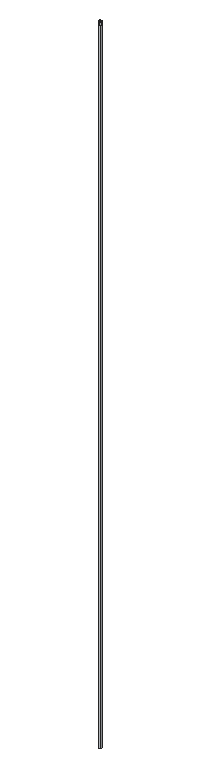
Revit family "FCCP25", category Generic Models, Revit 2017
Family settings
  Can host rebar = No
  Round Connector Dimension = Use Diameter
  Part Type = Normal
  Work Plane-Based = Yes
  Always vertical = No
  Cut with Voids When Loaded = No
  Shared = No
  Room Calculation Point = No
Parameters (values of type "NBS Standard Parameters")
  Weight = "0.842kg"
  WarrantyStartDate [instance] = "1900-12-31T23:59:59"
  WarrantyGuarantorParts = "12 Months"
  WarrantyGuarantorLabor = "n/a"
  WarrantyDurationUnit = "12 Months"
  WarrantyDurationParts = "n/a"
  WarrantyDurationLabor = "n/a"
  WarrantyDescription = "n/a"
  Version = "1"
  Uniclass2 = "Pr_65_70_11_30"
  URL = "www.metpro.co.uk"
  TagNumber [instance] = "n/a"
  SustainabilityPerformance = "n/a"
  Size = "25mm"
  Shape = "Circular"
  SerialNumber [instance] = "n/a"
  Revision = "n/a"
  ReplacementCost = "n/a"
  ProductInformation = "www.metpro.co.uk/pdf/fccp25.pdf"
  NominalWidth = 25 mm
  NominalLength = 10000 mm
  NominalHeight = 25 mm
  Name = "FCCP25 - PVC FLEXIBLE CONDUIT PACK"
  NBSTypeID = "n/a"
  NBSReference = "90-55-10/360"
  NBSOfficeMasterTag = "n/a"
  NBSNote = "n/a"
  NBSDescription = "Flexible Conduit"
  NBSCertification = "n/a"
  ModelReference = "Flexiconduit lengths"
  ModelNumber = "FCCP25"
  Material = "PVC"
  ManufacturerURL = "www.metpro.co.uk"
  ManufacturerName = "Metpro ltd"
  Manufacturer = "Metpro Limited"
  Keynote = "IP40 Rated"
  InstallationDate [instance] = "1900-12-31T23:59:59"
  IfcExportType = ""
  IfcExportAs = ""
  Grade = "n/a"
  Finish = "Black"
  Features = "n/a"
  ExpectedLife = "n/a"
  DurationUnit = "1 Year"
  Description = "FCCP25 - 25mm Flexible Conduit Contractor Pack c/w glands"
  Default Elevation = 1219.2 mm
  Constituents = "n/a"
  Color = "Black"
  CodePerformance = "n/a"
  Category = "n/a"
  BarCode [instance] = "n/a"
  BIMObjectName = "Metpro_Metprolibrary_PVCFlexibleconduit_PVCcontractorpack"
  Author = "Metpro"
  AssetType = "Fixed"
  AssetIdentifier [instance] = "n/a"
  AccessibilityPerformance = "n/a"
Reference planes
  plane 1 "Center (Front/Back)": y = 0
  plane 2: z = -49.367
  plane 3 "Center (Left/Right)": x = 0
Forms (mm)
  Revolve 1, solid
    sketch origin (48.178, 99.234, -25.271) x (1, 0, 0) y (0, 0, 1)
      loop
        line (0, 54.953) -> (-11.572, 54.953) -> (-12.546, 54.39) -> (-11.623, 53.89) -> (-12.489, 53.39) -> (-11.629, 52.872) -> (-12.526, 52.354) -> (-11.621, 51.863) -> (-12.5, 51.373) -> (-11.61, 50.86) -> (-12.499, 50.347) -> (-11.648, 49.856) -> (-12.508, 49.365) -> (-11.656, 48.851) -> (-12.5, 48.338) -> (-12.5, 43.275) -> (-17.4, 43.275) -> (-17.4, 13.575) -> (-15.115, 13.575) -> (-15.115, 12.431) -> (-17.4, 12.431) -> (-17.4, 9.477) -> (0, 9.477) -> (0, 54.953)
      axis (0, 9.477) -> (0, 54.953)
    angle from 0 to 360
  Extrusion 2, void
    sketch origin (48.178, 99.234, -15.794) x (1, 0, 0) y (0, 1, 0)
      loop
        circle (0, 0) r 12.514
    from 0 to 20
  Extrusion 3, solid
    sketch origin (48.178, 99.234, 18.004) x (0, 1, 0) y (-1, 0, 0)
      loop
        line (-17.4, -10.046) -> (0, -20.092) -> (17.4, -10.046) -> (17.4, 10.046) -> (0, 20.092) -> (-17.4, 10.046) -> (-17.4, -10.046)
      loop
        circle (0, 0) r 12.546
    from 0 to 5
  Extrusion 4, void
    sketch origin (48.178, 99.234, 18.004) x (-1, 0, 0) y (0, 1, 0)
      loop
        circle (0, 0) r 10
    from 20 to -20
  Extrusion 5, void
    sketch origin (38.132, 116.634, 18.004) x (0.5, 0.866025, 0) y (0, 0, 1)
      loop
        line (-10.046, -2.033) -> (-19.031, -2.033) -> (-19.031, -12.033) -> (-1.06, -12.033) -> (-1.06, -2.033) -> (-10.046, -2.033)
    from 0 to 2
  Extrusion 6, void
    sketch origin (38.132, 116.634, 18.004) x (0.5, 0.866025, 0) y (0, 0, 1)
      loop
        line (-15.046, -25.491) -> (-5.046, -25.491) -> (-5.046, -17.991) -> (-10.046, -17.991) -> (-15.046, -17.991) -> (-15.046, -25.491)
    from 0 to 40
  Extrusion 7, void
    sketch origin (28.087, 99.234, 18.004) x (-0.5, 0.866025, 0) y (0, 0, 1)
      loop
        line (-10.046, -1.952) -> (-19.046, -1.952) -> (-19.046, -11.952) -> (-1.071, -11.952) -> (-1.071, -1.952) -> (-10.046, -1.952)
    from 0 to 2
  Extrusion 8, void
    sketch origin (38.132, 81.834, 18.004) x (-1, 0, 0) y (0, 0, 1)
      loop
        line (-10.046, -1.96) -> (-19.021, -1.96) -> (-19.021, -11.96) -> (-1.025, -11.96) -> (-1.025, -1.96) -> (-10.046, -1.96)
    from 0 to 2
  Extrusion 9, void
    sketch origin (58.224, 81.834, 18.004) x (-0.5, -0.866025, 0) y (0, 0, 1)
      loop
        line (-10.046, -1.97) -> (-19.056, -1.97) -> (-19.056, -11.97) -> (-1.088, -11.97) -> (-1.088, -1.97) -> (-10.046, -1.97)
    from 0 to 2
  Extrusion 10, void
    sketch origin (68.27, 99.234, 18.004) x (0.5, -0.866025, 0) y (0, 0, 1)
      loop
        line (-10.046, -1.96) -> (-19.005, -1.96) -> (-19.005, -11.96) -> (-1.018, -11.96) -> (-1.018, -1.96) -> (-10.046, -1.96)
    from 0 to 2
  Extrusion 11, void
    sketch origin (58.224, 116.634, 18.004) x (1, 0, 0) y (0, 0, 1)
      loop
        line (-10.046, -2.035) -> (-19.041, -2.035) -> (-19.041, -12.035) -> (-1.041, -12.035) -> (-1.041, -2.035) -> (-10.046, -2.035)
    from 0 to 2
  Extrusion 12, solid
    sketch origin (48.178, 99.234, 4.206) x (0, 1, 0) y (1, 0, 0)
      loop
        circle (0, 0) r 12.514
      loop
        circle (0, 0) r 10
    from 0 to 10000
Cuts and joins
  Extrusion 2, Extrusion 4, Extrusion 5, Extrusion 6, Extrusion 7, Extrusion 8, Extrusion 9, Extrusion 10, Extrusion 11 cuts Revolve 1
Dimensions and locks
  aligned and locked: level to plane 2
  aligned and locked: Revolve 1 sketch curve to Revolve 1 sketch curve
